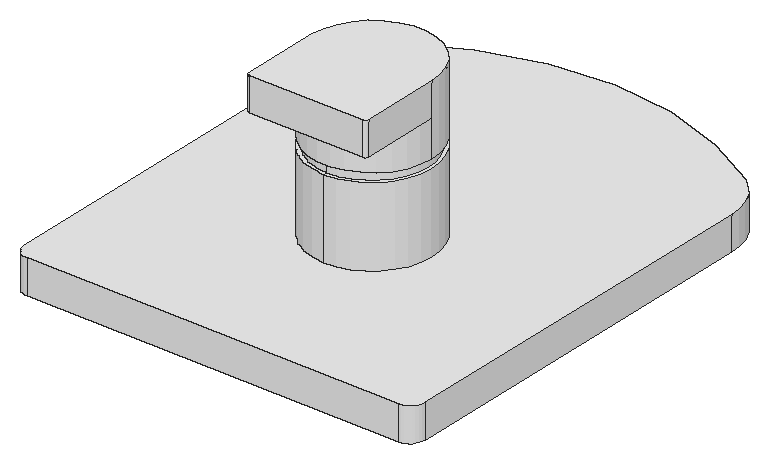
Revit family "Valve_Trim-DXV-Equility-D35109510_Series", category Plumbing Fixtures, host Face, Revit 2014
Parameters (values of type "D35109510.100")
  Width = 6 11/16"  # constant formula
  Waste Connection = yes
  Warranty Documentation Link = "https://www.dxv.com/-/media/files/dxv/warranty/dxv_warranty_booklet.ashx"
  WFU = 4  # constant formula
  Vent Connection = no
  URL = "http://www.dxv.com"
  Type Comments = ""
  Tempered Water Connection Radius = Tempered Water Connection Diameter / 2  # 1/4"
  Tempered Water Connection Diameter = 1/2"  # constant formula
  Tempered Water Connection = yes
  Shower Rough Location = 1 5/8"  # constant formula
  Revised Date = "12/18/2018"  # constant formula
  Product Page URL = "https://www.dxv.com/product/equility-1-2-or-3-4-inch-thermostatic-valve-trim"
  Product Documentation Link = "https://dxv01.blob.core.windows.net/dxv-product-pdf-files/spec_D35109600_DXV_Equility_pb_shwtub_EN.pdf"
  Price = "Prices may vary. Please consult Manufacturer Representative for most up-to-date price list."  # constant formula
  Model = "D35109510.100"
  Material = "Cast Brass-DXV-100-Polished Chrome"
  Length = 3 3/16"  # constant formula
  Installation Type = "Wall Mounted"  # constant formula
  Hot Water Connection Diameter = 1/2"  # constant formula
  Height = 8 3/8"  # constant formula
  Finish = Cast Brass-DXV-100-Polished Chrome
  Manufacturer = "DXV"  # constant formula
  Hot Water Connection Radius = Hot Water Connection Diameter / 2  # 1/4"
  HWFU = 3  # constant formula
  HW Connection = yes
  Description = "Equility Pressure Balance Tub/Shower Valve Trim With Diverter"  # constant formula
  Default Elevation = 40"  # constant formula
  Creation Date = "26/03/2014"  # constant formula
  Cold Water Connection Radius = Cold Water Connection Diameter / 2  # 1/4"
  Cold Water Connection Diameter = 1/2"  # constant formula
  CWFU = 3  # constant formula
  CW Connection = yes
  Assembly Code = "D2010710"
Types (7): name | Product Page URL | Product Documentation Link | Model | Material | Finish
  (no name) | "https://www.dxv.com/product/equility-1-2-or-3-4-inch-thermostatic-valve-trim" | "https://dxv01.blob.core.windows.net/dxv-product-pdf-files/spec_D35109600_DXV_Equility_pb_shwtub_EN.pdf" | "D35109510.100" | "Cast Brass-DXV-100-Polished Chrome" | Cast Brass-DXV-100-Polished Chrome
  D35109510.100 | "https://www.dxv.com/product/equility-1-2-or-3-4-inch-thermostatic-valve-trim" | "https://dxv01.blob.core.windows.net/dxv-product-pdf-files/spec_D35109600_DXV_Equility_pb_shwtub_EN.pdf" | "D35109510.100" | "Cast Brass-DXV-100-Polished Chrome" | Cast Brass-DXV-100-Polished Chrome
  D35109510.144 | "https://www.dxv.com/product/equility-1-2-or-3-4-inch-thermostatic-valve-trim" | "https://dxv01.blob.core.windows.net/dxv-product-pdf-files/spec_D35109600_DXV_Equility_pb_shwtub_EN.pdf" | "D35109510.144" | "Cast Brass-DXV-144-Brushed Nickel" | Cast Brass-DXV-144-Brushed Nickel
  D35109510.243 | "https://www.dxv.com/product/equility-1-2-or-3-4-inch-thermostatic-valve-trim" | "https://dxv01.blob.core.windows.net/dxv-product-pdf-files/spec_D35109600_DXV_Equility_pb_shwtub_EN.pdf" | "D35109510.243" | "Cast Brass-DXV-243-Matte Black" | Cast Brass-DXV-243-Matte Black
  D35109510RB.100 | "https://www.dxv.com/product/equility-1-2-inch-or-3-4-inch-thermostatic-valve-trim-projects-model" | "https://dxv01.blob.core.windows.net/dxv-product-pdf-files/spec_D35109510-RB_DXV_Equility_thermo_val_trim_EN.pdf" | "D35109510RB.100" | "Cast Brass-DXV-100-Polished Chrome" | Cast Brass-DXV-100-Polished Chrome
  D35109510RB.144 | "https://www.dxv.com/product/equility-1-2-inch-or-3-4-inch-thermostatic-valve-trim-projects-model" | "https://dxv01.blob.core.windows.net/dxv-product-pdf-files/spec_D35109510-RB_DXV_Equility_thermo_val_trim_EN.pdf" | "D35109510RB.144" | "Cast Brass-DXV-144-Brushed Nickel" | Cast Brass-DXV-144-Brushed Nickel
  D35109510RB.243 | "https://www.dxv.com/product/equility-1-2-inch-or-3-4-inch-thermostatic-valve-trim-projects-model" | "https://dxv01.blob.core.windows.net/dxv-product-pdf-files/spec_D35109510-RB_DXV_Equility_thermo_val_trim_EN.pdf" | "D35109510RB.243" | "Cast Brass-DXV-243-Matte Black" | Cast Brass-DXV-243-Matte Black
Reference planes (in)
  plane 1 "Center (Front/Back)": y = 0
  plane 2: z = 0
  plane 3 "Center (Left/Right)": x = 0
  plane 4: x = -3.34375
  plane 5: x = 3.34375
  plane 6: y = -3.32109
  plane 7: y = 5.05391
  plane 8: z = -1.625
  plane 9: z = 3.1875
Forms (in)
  Extrusion 1, solid, material "Cast Brass-DXV-100-Polished Chrome" <- "Finish"
    sketch origin (0, -0.57109, 0) x (1, 0, 0) y (0, 1, 0)
      loop
        arc (-2.9134, 4.71408) -> (-3.22965, 4.35606) -> (-3.34375, 3.89219) r 1
        line (-3.34375, 3.89219) -> (-3.34375, -2.5)
        arc (-3.34375, -2.5) -> (-3.27053, -2.67678) -> (-3.09375, -2.75) r 0.25
        line (-3.09375, -2.75) -> (3.09375, -2.75)
        arc (3.09375, -2.75) -> (3.27053, -2.67678) -> (3.34375, -2.5) r 0.25
        line (3.34375, -2.5) -> (3.34375, 3.89219)
        arc (3.34375, 3.89219) -> (3.22965, 4.35606) -> (2.9134, 4.71408) r 1
        arc (2.9134, 4.71408) -> (0, 5.625) -> (-2.9134, 4.71408) r 5.1144
    from 0 to 0.5625
  Extrusion 2, solid, material "Cast Brass-DXV-100-Polished Chrome" <- "Finish", not visible
    sketch origin (0.38705, 0, 0) x (0, 1, 0) y (0, 0, 1)
      loop
        circle (0, -1.625) r 0.25
    from -1.88705 to 1.11295
  Revolve 3, solid, material "Cast Brass-DXV-100-Polished Chrome" <- "Finish"
    sketch origin (0, 0, 0) x (0, 1, 0) y (0, 0, 1)
      loop
        line (1, 0.5625) -> (1, 1.8821) -> (0.9375, 1.8821) -> (0.9375, 2.03279) -> (0, 2.03279) -> (0, 0.5625) -> (1, 0.5625)
      axis (0, 2.03279) -> (0, 0.5625)
    angle from 0 to 360
  Extrusion 4, solid, material "Cast Brass-DXV-100-Polished Chrome" <- "Finish"
    sketch origin (0, 0, 0) x (1, 0, 0) y (0, 1, 0)
      loop
        arc (1, 0) -> (0, 1) -> (-1, 0) r 1
        line (-1, 0) -> (-1, -1.3125)
        arc (-1, -1.3125) -> (-0.98169, -1.35669) -> (-0.9375, -1.375) r 0.0625
        line (-0.9375, -1.375) -> (0.9375, -1.375)
        arc (0.9375, -1.375) -> (0.98169, -1.35669) -> (1, -1.3125) r 0.0625
        line (1, -1.3125) -> (1, 0)
    from 2.03279 to 3.1875
  Extrusion 5, void
    sketch origin (0, 0, 0) x (1, 0, 0) y (0, 1, 0)
      loop
        line (-1, 0) -> (-1.24329, 0) -> (-1.24329, -1.50091) -> (1.19522, -1.50091) -> (1.19522, 0) -> (1, 0)
        arc (1, 0) -> (0, -1) -> (-1, 0) r 1
    from 1.96405 to 2.64043
  Extrusion 6, solid, material "Cast Brass-DXV-100-Polished Chrome" <- "Finish", not visible
    sketch origin (0, -0.38705, 0) x (1, 0, 0) y (0, 0, 1)
      loop
        circle (0, -1.625) r 0.25
    from -1.88705 to 1.11295
Cuts and joins
  Extrusion 5 cuts Extrusion 1
  Extrusion 5 cuts Revolve 3
  Extrusion 5 cuts Extrusion 4
  joined: Extrusion 1, Revolve 3, Extrusion 4
  Extrusion 5 cuts Extrusion 2
  joined: Extrusion 2, Extrusion 6
Lines and regions (in)
  Masking region 1
    outline origin (0, 0, 0) x (1, 0, 0) y (0, 0, 1)
      loop
        line (3.34375, 0) -> (3.34375, 0.5625) -> (1, 0.5625) -> (1, 1.8821) -> (0.93884, 1.8821) -> (0.93884, 2.03279) -> (1, 2.03279) -> (1, 3.1875) -> (-1, 3.1875) -> (-1, 2.03279) -> (-0.93757, 2.03279) -> (-0.93757, 1.8821) -> (-1, 1.8821) -> (-1, 0.5625) -> (-3.34375, 0.5625) -> (-3.34375, 0) -> (3.34375, 0)
  symbolic lines, style "PlumbingFixtures", detail levels fine
    curve 1: line (0.38786, 0, 1.8125) -> (-0.38786, 0, 1.8125)
    curve 2: line (0.38786, 0, 1.29999) -> (-0.38786, 0, 1.29999)
    curve 3: line (0.38786, 0, 1.14361) -> (-0.38786, 0, 1.14361)
    curve 5: line (0.38786, 0, 1.14361) -> (0.38786, 0, 0.5625)
    curve 6: line (0.35674, 0, 1.14361) -> (0.35674, 0, 1.29999)
    curve 7: line (0.38786, 0, 1.8125) -> (0.38786, 0, 1.29999)
    curve 8: line (-0.38786, 0, 1.14361) -> (-0.38786, 0, 0.5625)
    curve 9: line (-0.35674, 0, 1.14361) -> (-0.35674, 0, 1.29999)
    curve 10: line (-0.38786, 0, 1.8125) -> (-0.38786, 0, 1.29999)
  symbolic lines, style "PlumbingFixtures"
    curve 4: line (1, 0, 1.8821) -> (1, 0, 0.5625)
  symbolic lines, style "PlumbingFixtures", detail levels medium+fine
    curve 11: line (1, 0, 0.5625) -> (-1, 0, 0.5625)
    curve 12: line (0.93884, 0, 1.8821) -> (-0.9375, 0, 1.8821)
    curve 13: line (0.93884, 0, 2.03279) -> (-0.9375, 0, 2.03279)
Dimensions and locks (in)
  "Width": plane 4 to plane 5
  "Height": plane 7 to plane 6
  "Shower Rough Location": host face to plane 8
  "Length": plane 9 to host face
  aligned and locked: plane 2 to host face
  aligned and locked: level to host face
Automatic sketch dimensions
  host sketch curve to host sketch curve = 96"  (x2)
  Extrusion 2 sketch curve to plane 1 "Center (Front/Back)" = 0"
  plane 8 to Extrusion 2 sketch curve = 0"
  Revolve 3 sketch curve to plane 1 "Center (Front/Back)" = 0"  (x2)
  Revolve 3 sketch curve to plane 1 "Center (Front/Back)" = 15/16"
  Revolve 3 sketch curve to Revolve 3 sketch curve = 1/16"
  Revolve 3 sketch curve to plane 9 = 1.15471"
  level to Revolve 3 sketch curve = 9/16"
  Revolve 3 sketch curve to Revolve 3 sketch curve = 0"
  level to Revolve 3 sketch curve = 0.14007"
  Masking region 1 sketch curve to level = 0"
  Masking region 1 sketch curve to plane 4 = 0"
  Masking region 1 sketch curve to plane 9 = 0"
  plane 5 to Masking region 1 sketch curve = 0"
  Masking region 1 sketch curve to plane 3 "Center (Left/Right)" = 1"
  Masking region 1 sketch curve to Masking region 1 sketch curve = 0"
  Masking region 1 sketch curve to Masking region 1 sketch curve = 0.06243"
  plane 3 "Center (Left/Right)" to Masking region 1 sketch curve = 0.93884"
  Masking region 1 sketch curve to Masking region 1 sketch curve = 0.06116"  (x2)
  level to Masking region 1 sketch curve = 9/16"
  Masking region 1 sketch curve to Masking region 1 sketch curve = 9/16"
  Masking region 1 sketch curve to plane 9 = 1.3054"  (x2)
  Masking region 1 sketch curve to Masking region 1 sketch curve = 0.15068"  (x2)
  plane 1 "Center (Front/Back)" to Extrusion 4 sketch curve = 0"
  Extrusion 4 sketch curve to plane 3 "Center (Left/Right)" = 0"
  Extrusion 4 sketch curve to Extrusion 4 sketch curve = 1/16"  (x2)
  Extrusion 4 sketch curve to Extrusion 4 sketch curve = 1 5/16"
  plane 3 "Center (Left/Right)" to Extrusion 4 sketch curve = 15/16"
  plane 1 "Center (Front/Back)" to Extrusion 5 sketch curve = 0"
  Extrusion 5 sketch curve to plane 3 "Center (Left/Right)" = 0"
  Extrusion 5 sketch curve to plane 3 "Center (Left/Right)" = 1"
  Extrusion 5 sketch curve to plane 3 "Center (Left/Right)" = 1.24329"
  Extrusion 5 sketch curve to Extrusion 5 sketch curve = 0.19522"
  Extrusion 5 sketch curve to Extrusion 5 sketch curve = 1.50091"
  Revolve 3 sketch curve to Revolve 3 sketch curve = 0.15068"
  curve 3 to plane 3 "Center (Left/Right)" = 0.38786"
  curve 2 to curve 3 = 0"
  plane 3 "Center (Left/Right)" to curve 3 = 0.38786"
  curve 7 to curve 3 = 0"
  curve 5 to curve 4 = 0.61214"
  level to curve 11 = 9/16"
  curve 8 to curve 8 = 0.58111"
  curve 3 to curve 10 = 0.15638"
  curve 2 to curve 10 = 0.51251"
  curve 13 to curve 1 = 0.54964"
  curve 13 to curve 12 = 0"  (x2)
  curve 11 to curve 8 = 0.61214"
  curve 2 to curve 9 = 0.03113"
  curve 6 to curve 2 = 0.03113"
  curve 12 to curve 4 = 0.06116"
  curve 1 to curve 12 = 0.0696"
  curve 4 to curve 12 = 0"
  curve 12 to curve 13 = 0.15068"
  Extrusion 6 sketch curve to plane 3 "Center (Left/Right)" = 0"
  Extrusion 6 sketch curve to plane 8 = 0"
  Extrusion 1 sketch curve to plane 4 = 0"
  Extrusion 1 sketch curve to plane 6 = 0"
  Extrusion 1 sketch curve to plane 3 "Center (Left/Right)" = 0"
  Extrusion 1 sketch curve to plane 5 = 0"
  Extrusion 1 sketch curve to Extrusion 1 sketch curve = 1/4"  (x2)
  plane 4 to Extrusion 1 sketch curve = 1"
  plane 5 to Extrusion 1 sketch curve = 1"
  plane 1 "Center (Front/Back)" to Extrusion 1 sketch curve = 0.0605"
  Extrusion 1 sketch curve to plane 7 = 1.73281"  (x2)
  Extrusion 1 sketch curve to Extrusion 1 sketch curve = 0"
  radius of Extrusion 2 sketch curve = 1/4"
  radius of Extrusion 6 sketch curve = 1/4"
Connectors (in)
  piping at (1.5, 0, -1.625), diameter 0.5, driven by "Cold Water Connection Radius", driven by "CWFU"
    settings: on cut or joined group of Extrusion 1, Revolve 3, Extrusion 4, Extrusion 5, index 1, connector inside diameter 1/2", connector length 0", flow factor 0, pipe flow 0 GPM, pressure drop 0.00 psi, fitting loss kfactor 0, connector angle 0.00°, fixture units 3, engagement length 0", angle of deflection 0.00°, flow configuration 3, flow direction 1, fitting loss method 0, system type 20, joint type 0, gender type 0, connector reference index -1, connector utility 0, adjustable connector no, is connector primary yes, connector description "1/2\" CW NPT Inlet"
  piping at (-1.5, 0, -1.625), diameter 0.5, driven by "HWFU", driven by "Hot Water Connection Radius"
    settings: on cut or joined group of Extrusion 1, Revolve 3, Extrusion 4, Extrusion 5, index 2, connector inside diameter 1/2", connector length 0", flow factor 0, pipe flow 0 GPM, pressure drop 0.00 psi, fitting loss kfactor 0, connector angle 0.00°, fixture units 3, engagement length 0", angle of deflection 0.00°, flow configuration 3, flow direction 1, fitting loss method 0, system type 19, joint type 0, gender type 0, connector reference index -1, connector utility 0, adjustable connector no, is connector primary no, connector description "1/2\" HW NPT Inlet"
  piping at (0, 1.5, -1.625), diameter 0.5, driven by "Tempered Water Connection Radius"
    settings: on cut or joined group of Extrusion 1, Revolve 3, Extrusion 4, Extrusion 5, index 3, connector inside diameter 24", connector length 0", flow factor 0, pipe flow 0 GPM, pressure drop 0.00 psi, fitting loss kfactor 0, connector angle 0.00°, fixture units 0, engagement length 0", angle of deflection 0.00°, flow configuration 2, flow direction 2, fitting loss method 0, system type 29, joint type 0, gender type 0, connector reference index -1, connector utility 0, adjustable connector no, is connector primary no, connector description "1/2\" NPT Shower Outlet"
  piping at (0, -1.5, -1.625), diameter 0.5, driven by "Tempered Water Connection Radius"
    settings: on cut or joined group of Extrusion 1, Revolve 3, Extrusion 4, Extrusion 5, index 4, connector inside diameter 24", connector length 0", flow factor 0, pipe flow 0 GPM, pressure drop 0.00 psi, fitting loss kfactor 0, connector angle 0.00°, fixture units 0, engagement length 0", angle of deflection 0.00°, flow configuration 0, flow direction 2, fitting loss method 0, system type 29, joint type 0, gender type 0, connector reference index -1, connector utility 0, adjustable connector no, is connector primary no, connector description "1/2\" NPT Spout Outlet"
